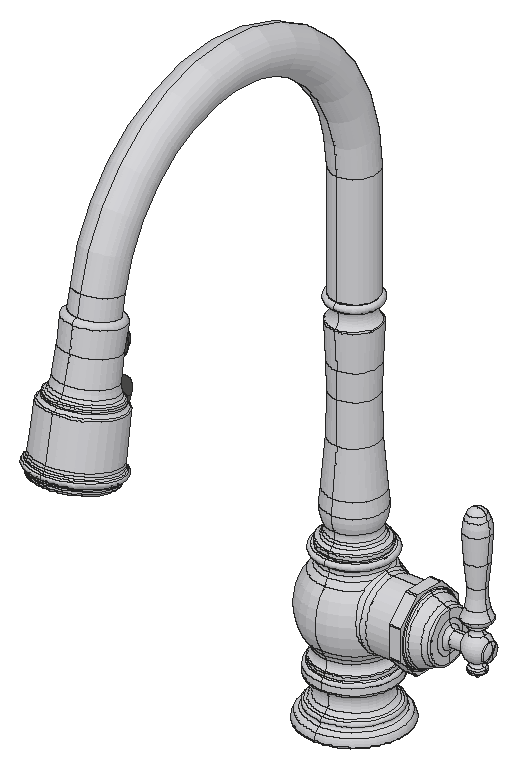
Revit family "Faucet-Kitchen-KOHLER-Artifacts-K-29709", category Plumbing Fixtures, host Face, Revit 2017 (continued)
Definition of nested family "K-29709"
  Lines and regions (in)
    Masking region 3
      outline origin (0, 0, 0) x (0, 1, 0) y (0, 0, 1)
        loop
          line (-0.97752, 1.4655) -> (-0.97752, 1.38641)
          arc (-0.97752, 1.38641) -> (-0.98351, 1.36868) -> (-0.99903, 1.35823) r 0.02921
          arc (-0.99903, 1.35823) -> (-1.04803, 1.32522) -> (-1.06695, 1.26925) r 0.09224
          line (-1.06695, 1.26925) -> (-1.06695, 1.09475)
          arc (-1.06695, 1.09475) -> (-1.06187, 1.07869) -> (-1.04848, 1.06846) r 0.02794
          arc (-1.04848, 1.06846) -> (-0.85185, 0.87292) -> (-0.8756, 0.59664) r 0.32764
          arc (-0.8756, 0.59664) -> (-0.91448, 0.54188) -> (-0.96298, 0.49542) r 0.35494
          arc (-0.96298, 0.49542) -> (-0.99337, 0.47612) -> (-1.02707, 0.46347) r 0.17459
          arc (-1.02707, 0.46347) -> (-1.0723, 0.42787) -> (-1.07703, 0.37052) r 0.07205
          arc (-1.07703, 0.37052) -> (-1.07682, 0.32767) -> (-1.10249, 0.29336) r 0.06737
          arc (-1.10249, 0.29336) -> (-1.15913, 0.24932) -> (-1.21047, 0.19921) r 0.63936
          arc (-1.21047, 0.19921) -> (-1.26237, 0.1163) -> (-1.28131, 0.02033) r 0.26993
          arc (-1.28131, 0.02033) -> (-1.27553, 0.00597) -> (-1.26124, 0) r 0.02008
          line (-1.26124, 0) -> (1.26124, 0)
    symbolic lines, detail levels medium+fine
      curve 1: arc (0.56316, -1.11747, 0) -> (0.69855, -1.03823, 0) -> (0.82296, -0.94267, 0) r 1.25136
      curve 2: arc (0.56297, 0, 0) -> (0, 0.56297, 0) -> (-0.56297, 0, 0) r 0.56297
      curve 3: arc (0.56316, -0.44172, 0) -> (0, 0.71572, 0) -> (-0.56316, -0.44172, 0) r 0.71572
      curve 4: arc (0.56316, -0.32627, 0) -> (0, 0.65084, 0) -> (-0.56316, -0.32627, 0) r 0.65084
      curve 5: arc (0.56316, -0.57561, 0) -> (0, 0.82428, 0) -> (-0.56316, -0.57561, 0) r 0.81322
      curve 6: spline (-0.5625, -8.39675, 0) -> (-0.54333, -8.53966, 0) -> (-0.48714, -8.67283, 0) -> (-0.39775, -8.78719, 0) -> (-0.28125, -8.87494, 0) -> (-0.14559, -8.9301, 0) -> (0, -8.94891, 0) -> (0.14559, -8.9301, 0) -> (0.28125, -8.87494, 0) -> (0.39775, -8.78719, 0) -> (0.48714, -8.67283, 0) -> (0.54333, -8.53966, 0) -> (0.5625, -8.39675, 0)
      curve 7: arc (-0.69371, -9.67102, 0) -> (-0.07028, -9.94472, 0) -> (0.58442, -9.75776, 0) r 1.00404
      curve 8: arc (-0.86159, -9.25845, 0) -> (-0.17749, -9.73517, 0) -> (0.62935, -9.52482, 0) r 0.99613
      curve 9: arc (-0.71797, -9.17423, 0) -> (-0.24977, -9.52892, 0) -> (0.33664, -9.49524, 0) r 0.84986
      curve 10: arc (-0.99227, -8.76235, 0) -> (-0.95749, -9.25431, 0) -> (-0.69371, -9.67102, 0) r 1.00908
      curve 11: arc (-0.98109, -8.63069, 0) -> (-0.97558, -8.95489, 0) -> (-0.86159, -9.25845, 0) r 0.95207
      curve 12: arc (-0.96133, -8.53712, 0) -> (-0.97247, -8.58364, 0) -> (-0.98109, -8.63069, 0) r 0.8865
      curve 13: arc (-0.84932, -8.67705, 0) -> (-0.82266, -8.93595, 0) -> (-0.71797, -9.17423, 0) r 0.83941
      curve 14: arc (-0.67208, -8.21897, 0) -> (-0.79722, -8.43388, 0) -> (-0.84932, -8.67705, 0) r 0.78985
      curve 15: arc (-0.45237, -9.0625, 0) -> (-0.20952, -9.19749, 0) -> (0.06688, -9.22576, 0) r 0.69004
      curve 16: arc (-0.69151, -8.55575, 0) -> (-0.62592, -8.8346, 0) -> (-0.45237, -9.0625, 0) r 0.68737
      curve 17: arc (-0.27667, -9.0625, 0) -> (0.02104, -9.114, 0) -> (0.31875, -9.0625, 0) r 0.88622
      curve 18: arc (-0.55323, -8.85183, 0) -> (-0.43132, -8.97866, 0) -> (-0.27667, -9.0625, 0) r 0.57272
      curve 19: arc (-0.69151, -8.55575, 0) -> (-0.63532, -8.70984, 0) -> (-0.55323, -8.85183, 0) r 0.94102
      curve 20: arc (-0.67208, -8.21897, 0) -> (-0.70897, -8.38579, 0) -> (-0.69151, -8.55575, 0) r 0.53615
      curve 21: arc (-0.56316, -8.0078, 0) -> (-0.62283, -8.1107, 0) -> (-0.67208, -8.21897, 0) r 1.20725
      curve 22: arc (0.99237, -8.77233, 0) -> (0.92922, -9.32335, 0) -> (0.58442, -9.75776, 0) r 1.00908
      curve 23: arc (0.98109, -8.63069, 0) -> (0.92629, -9.12538, 0) -> (0.62935, -9.52482, 0) r 0.95207
      curve 24: arc (0.96133, -8.53712, 0) -> (0.97247, -8.58364, 0) -> (0.98109, -8.63069, 0) r 0.8865
      curve 25: arc (0.84932, -8.67705, 0) -> (0.7224, -9.16724, 0) -> (0.33664, -9.49524, 0) r 0.83941
      curve 26: arc (0.67208, -8.21897, 0) -> (0.79722, -8.43388, 0) -> (0.84932, -8.67705, 0) r 0.78985
      curve 27: arc (0.69151, -8.55575, 0) -> (0.50706, -9.00996, 0) -> (0.06688, -9.22576, 0) r 0.68737
      curve 28: arc (0.69151, -8.55966, 0) -> (0.63875, -8.70632, 0) -> (0.5625, -8.84227, 0) r 0.94102
      curve 29: arc (0.67208, -8.21897, 0) -> (0.70897, -8.38579, 0) -> (0.69151, -8.55575, 0) r 0.53615
      curve 30: arc (0.56316, -8.0078, 0) -> (0.62283, -8.1107, 0) -> (0.67208, -8.21897, 0) r 1.20725
      curve 31: line (-0.56316, -7.95731, 0) -> (-0.56316, -8.39675, 0)
      curve 32: line (0.56316, -7.95731, 0) -> (0.56316, -8.39675, 0)
      curve 33: arc (-0.90918, -8.37863, 0) -> (-0.93747, -8.45715, 0) -> (-0.96133, -8.53712, 0) r 1.49482
      curve 34: arc (0.9036, -8.3646, 0) -> (0.93509, -8.44998, 0) -> (0.96133, -8.53712, 0) r 1.49482
      curve 35: arc (0.5625, -8.84227, 0) -> (0.45401, -8.9672, 0) -> (0.31875, -9.0625, 0) r 0.68547
      curve 36: line (-0.56316, -1.18554, 0) -> (-0.56316, 0, 0)
      curve 37: line (0.56316, -1.18554, 0) -> (0.56316, 0, 0)
      curve 38: arc (0.56316, -0.7752, 0) -> (0, 0.95816, 0) -> (-0.56316, -0.7752, 0) r 0.95816
      curve 39: arc (0.82296, 0.94267, 0) -> (0.90156, 0.89918, 0) -> (0.98541, 0.86696, 0) r 0.649
      curve 40: arc (0.82296, -0.94267, 0) -> (0.90156, -0.89918, 0) -> (0.98541, -0.86696, 0) r 0.649
      curve 41: arc (0.82296, 0.94267, 0) -> (-1.00395, 0.67548, 0) -> (-0.56316, -1.11747, 0) r 1.24725
      curve 42: line (1.94608, 0.90716, 0) -> (1.94608, -0.90716, 0)
      curve 43: line (1.66061, 0.84999, 0) -> (1.66061, -0.85084, 0)
      curve 44: arc (1.74181, 0.93458, 0) -> (1.68932, 0.67408, 0) -> (1.73188, 0.41177, 0) r 0.7429
      curve 45: arc (1.73416, 0.35848, 0) -> (1.68831, -0.00558, 0) -> (1.73744, -0.3692, 0) r 1.41751
      curve 46: arc (1.73626, -0.39362, 0) -> (1.6892, -0.66494, 0) -> (1.74536, -0.93452, 0) r 0.73445
      curve 47: arc (1.73188, 0.41177, 0) -> (1.73701, 0.38529, 0) -> (1.73416, 0.35848, 0) r 0.09087
      curve 48: arc (1.73744, -0.3692, 0) -> (1.73877, -0.3815, 0) -> (1.73626, -0.39362, 0) r 0.0398
      curve 49: arc (1.8796, 0.93218, 0) -> (1.93116, 0.67278, 0) -> (1.88858, 0.41177, 0) r 0.7429
      curve 50: arc (1.8863, 0.35848, 0) -> (1.93215, -0.00558, 0) -> (1.88302, -0.3692, 0) r 1.41751
      curve 51: arc (1.8842, -0.39362, 0) -> (1.93128, -0.66371, 0) -> (1.87604, -0.93224, 0) r 0.73445
      curve 52: arc (1.88858, 0.41177, 0) -> (1.88345, 0.38529, 0) -> (1.8863, 0.35848, 0) r 0.09087
      curve 53: arc (1.88302, -0.3692, 0) -> (1.88169, -0.3815, 0) -> (1.8842, -0.39362, 0) r 0.0398
      curve 54: line (-1.28125, 0, 0.02033) -> (1.28125, 0, 0.02033)
      curve 55: line (-1.07654, 0, 0.36929) -> (1.07655, 0, 0.36929)
      curve 56: line (-1.06689, 0, 1.26925) -> (1.0669, 0, 1.26925)
      curve 57: line (-1.06689, 0, 1.09475) -> (1.0669, 0, 1.09475)
      curve 58: line (-0.80486, 0, 4.05402) -> (0.80488, 0, 4.05402)
      curve 59: line (-0.64813, 0, 4.58901) -> (0.64814, 0, 4.58901)
      curve 60: line (-0.83591, 0, 4.18282) -> (0.83592, 0, 4.18282)
      curve 61: line (-0.61934, 0, 9.26856) -> (0.61936, 0, 9.26856)
      curve 62: line (1.96351, 0, 3.66483) -> (1.96351, 0, 1.83593)
      curve 63: line (1.65976, 0, 1.86693) -> (1.65976, 0, 3.63307)
      curve 64: arc (-0.16145, 0, 13.20654) -> (-0.03727, 0, 13.21017) -> (0.08696, 0, 13.20892) r 3.1613
      curve 65: arc (-0.40117, 0, 13.18163) -> (-0.28165, 0, 13.19736) -> (-0.16145, 0, 13.20654) r 2.20807
      curve 66: arc (-0.56419, 0, 13.13899) -> (-0.48372, 0, 13.1643) -> (-0.40117, 0, 13.18163) r 0.86354
      curve 67: arc (-0.71902, 0, 9.68554) -> (-0.02852, 0, 9.76305) -> (0.66312, 0, 9.69642) r 3.34961
      curve 68: arc (-0.88017, 0, 9.63834) -> (-0.80041, 0, 9.66473) -> (-0.71902, 0, 9.68554) r 1.21315
      curve 69: arc (-0.94713, 0, 9.6014) -> (-0.91504, 0, 9.62238) -> (-0.88017, 0, 9.63834) r 0.25593
      curve 70: arc (-0.9731, 0, 9.56388) -> (-0.96305, 0, 9.58467) -> (-0.94713, 0, 9.6014) r 0.07453
      curve 71: arc (-0.96462, 0, 9.52282) -> (-0.97408, 0, 9.54227) -> (-0.9731, 0, 9.56388) r 0.04388
      curve 72: arc (-0.5215, 0, 9.40157) -> (0.00001, 0, 9.37075) -> (0.52152, 0, 9.40157) r 4.42701
      curve 73: arc (0.88017, 0, 9.63834) -> (0.77299, 0, 9.67241) -> (0.66312, 0, 9.69642) r 1.21315
      curve 74: arc (0.94713, 0, 9.6014) -> (0.91504, 0, 9.62238) -> (0.88017, 0, 9.63834) r 0.25593
      curve 75: arc (0.9731, 0, 9.56388) -> (0.96305, 0, 9.58467) -> (0.94713, 0, 9.6014) r 0.07453
      curve 76: arc (0.96462, 0, 9.52282) -> (0.97408, 0, 9.54227) -> (0.9731, 0, 9.56388) r 0.04388
      curve 77: arc (0.56419, 0, 13.13899) -> (0.48372, 0, 13.1643) -> (0.40117, 0, 13.18163) r 0.86354
      curve 78: arc (0.40117, 0, 13.18163) -> (0.24456, 0, 13.20089) -> (0.08696, 0, 13.20892) r 2.20807
      curve 79: arc (-0.25365, 0, 11.523) -> (-0.00365, 0, 11.52882) -> (0.24635, 0, 11.523) r 5.36918
      curve 80: arc (-0.57555, 0, 11.48501) -> (-0.41528, 0, 11.50971) -> (-0.25365, 0, 11.523) r 2.28819
      curve 81: arc (-0.78207, 0, 11.43013) -> (-0.67979, 0, 11.46126) -> (-0.57555, 0, 11.48501) r 1.49816
      curve 82: arc (-0.56526, 0, 11.3152) -> (-0.03689, 0, 11.35192) -> (0.49199, 0, 11.32362) r 4.31486
      curve 83: arc (-0.7971, 0, 11.27221) -> (-0.68174, 0, 11.29676) -> (-0.56526, 0, 11.3152) r 2.24396
      curve 84: arc (-0.88927, 0, 11.23806) -> (-0.8442, 0, 11.25788) -> (-0.7971, 0, 11.27221) r 0.4141
      curve 85: arc (-0.88292, 0, 9.71317) -> (-0.01648, 0, 9.82072) -> (0.85064, 0, 9.71872) r 3.63765
      curve 86: arc (0.57555, 0, 11.48501) -> (0.41528, 0, 11.50971) -> (0.25365, 0, 11.523) r 2.28819
      curve 87: arc (0.78207, 0, 11.43013) -> (0.67979, 0, 11.46126) -> (0.57555, 0, 11.48501) r 1.49816
      curve 88: arc (0.7971, 0, 11.27221) -> (0.64543, 0, 11.30318) -> (0.49199, 0, 11.32362) r 2.24396
      curve 89: arc (0.88927, 0, 11.23806) -> (0.8442, 0, 11.25788) -> (0.7971, 0, 11.27221) r 0.4141
      curve 90: spline (0, 0, 9.48681) -> (0.08667, 0, 9.48912) -> (0.16743, 0, 9.49588) -> (0.23679, 0, 9.50664) -> (0.29, 0, 9.52067) -> (0.32346, 0, 9.537) -> (0.33487, 0, 9.55452) -> (0.32346, 0, 9.57205) -> (0.29, 0, 9.58838) -> (0.23679, 0, 9.6024) -> (0.16743, 0, 9.61316) -> (0.08667, 0, 9.61992) -> (0, 0, 9.62223) -> (-0.08667, 0, 9.61992) -> (-0.16743, 0, 9.61316) -> (-0.23679, 0, 9.6024) -> (-0.29, 0, 9.58838) -> (-0.32346, 0, 9.57205) -> (-0.33487, 0, 9.55452) -> (-0.32346, 0, 9.537) -> (-0.29, 0, 9.52067) -> (-0.23679, 0, 9.50664) -> (-0.16743, 0, 9.49588) -> (-0.08667, 0, 9.48912) -> (0, 0, 9.48681)
      curve 91: arc (1.77509, 0, 3.71627) -> (1.69191, 0, 3.44132) -> (1.72502, 0, 3.15597) r 0.70673
      curve 92: arc (1.72911, 0, 3.0569) -> (1.68861, 0, 2.70384) -> (1.73557, 0, 2.35158) r 1.44382
      curve 93: arc (1.73402, 0, 2.31731) -> (1.69006, 0, 2.04923) -> (1.74514, 0, 1.78321) r 0.74495
      curve 94: arc (1.73557, 0, 2.35158) -> (1.73739, 0, 2.33433) -> (1.73402, 0, 2.31731) r 0.05787
      curve 95: arc (1.72502, 0, 3.15597) -> (1.73402, 0, 3.10672) -> (1.72911, 0, 3.0569) r 0.18009
      curve 96: arc (1.84029, 0, 3.71513) -> (1.92292, 0, 3.44067) -> (1.88975, 0, 3.15597) r 0.70673
      curve 97: arc (1.88565, 0, 3.0569) -> (1.92616, 0, 2.70384) -> (1.8792, 0, 2.35158) r 1.44382
      curve 98: arc (1.88075, 0, 2.31731) -> (1.92474, 0, 2.05041) -> (1.87052, 0, 1.78539) r 0.74495
      curve 99: arc (1.8792, 0, 2.35158) -> (1.87738, 0, 2.33433) -> (1.88075, 0, 2.31731) r 0.05787
      curve 100: arc (1.88975, 0, 3.15597) -> (1.88075, 0, 3.10672) -> (1.88565, 0, 3.0569) r 0.18009
      curve 101: line (0, -1.28131, 0.02033) -> (0, 1.28131, 0.02033)
      curve 102: line (0, -1.0766, 0.36929) -> (0, 1.0766, 0.36929)
      curve 103: line (0, -1.06695, 1.09475) -> (0, 1.06695, 1.09475)
      curve 104: line (0, -1.06695, 1.26925) -> (0, 1.06695, 1.26925)
      curve 105: line (0, -0.97752, 1.4655) -> (0, 0.97752, 1.4655)
      curve 106: arc (0, 0, 1.93092) -> (0, 0.80035, 2.57582) -> (0, 0.3404, 3.495) r 0.81908
      curve 107: line (0, -0.80493, 4.05402) -> (0, -0.21028, 4.05402)
      curve 108: line (0, -0.64819, 4.58901) -> (0, -0.26955, 4.58901)
      curve 109: line (0, 0.64819, 4.58901) -> (0, 0.26955, 4.58901)
      curve 110: line (0, -0.83597, 4.18282) -> (0, -0.21664, 4.18282)
      curve 111: line (0, 0.83597, 4.18282) -> (0, 0.21664, 4.18282)
      curve 112: line (0, -0.40181, 9.90075) -> (0, 0.40181, 9.90075)
      curve 113: line (0, -0.45144, 9.87117) -> (0, 0.45144, 9.87117)
      curve 114: line (0, -0.61941, 9.26856) -> (0, 0.61941, 9.26856)
      curve 115: line (0, -8.94891, 13.20502) -> (0, -7.84474, 12.98955)
      curve 116: line (0, -10.085, 10.01807) -> (0, -7.99166, 9.61377)
      curve 117: line (0, -9.5673, 11.52851) -> (0, -8.17486, 11.25785)
      curve 118: arc (0, -8.17486, 11.25785) -> (0, -8.06818, 11.23952) -> (0, -7.96081, 11.22586) r 2.48166
      curve 119: arc (0, -7.96081, 11.22586) -> (0, -7.91057, 11.22805) -> (0, -7.86317, 11.24484) r 0.17005
      curve 120: arc (0, -7.86317, 11.24484) -> (0, -7.84184, 11.26181) -> (0, -7.828, 11.2853) r 0.07481
      curve 121: line (0, -7.82783, 11.28524) -> (0, -7.78493, 11.40312)
      curve 122: line (0, -7.70484, 12.46444) -> (0, -7.80994, 11.92375)
      curve 123: line (0, 0.21028, 4.05402) -> (0, 0.80493, 4.05402)
      curve 124: arc (0, -0.3404, 3.495) -> (0, -0.80035, 2.57582) -> (0, 0, 1.93092) r 0.81908
      curve 125: arc (0, -0.92172, 3.14988) -> (0, -0.93107, 3.13639) -> (0, -0.93521, 3.1205) r 0.04694
      curve 126: arc (0, -0.93521, 2.3795) -> (0, -0.93164, 2.36359) -> (0, -0.92161, 2.35073) r 0.03722
      curve 127: arc (0, -0.39836, 1.82749) -> (0, -0.38244, 1.81764) -> (0, -0.3638, 1.81595) r 0.04077
      curve 128: arc (0, 0.36386, 1.81595) -> (0, 0.38063, 1.81852) -> (0, 0.39587, 1.82598) r 0.0561
      curve 129: arc (0, 0.92406, 2.35418) -> (0, 0.93143, 2.37451) -> (0, 0.93393, 2.39599) r 0.09349
      curve 130: arc (0, 0.93393, 3.11191) -> (0, 0.93351, 3.13043) -> (0, 0.92417, 3.14644) r 0.03703
      curve 131: line (2.4705, 0.39808, 0) -> (2.4705, -0.39808, 0)
      curve 132: arc (2.90242, 0.20404, 0) -> (2.83816, -0.00221, 0) -> (2.90498, -0.20765, 0) r 0.35601
      curve 133: circle (3.19416, 0, 0) r 0.31643 normal (0, 0, 1)
      curve 134: arc (3.46226, 0.23424, 0) -> (3.55017, -0.00187, 0) -> (3.45978, -0.23705, 0) r 0.35601
      curve 135: line (3.52748, 0.22594, 0) -> (3.52748, 0.12507, 0)
      curve 136: line (3.52748, -0.22594, 0) -> (3.52748, -0.12507, 0)
      curve 137: line (2.47092, 0, 3.0956) -> (2.47092, 0, 2.4044)
      curve 138: line (2.83815, 0, 3.4665) -> (3.55017, 0, 3.4665)
      curve 139: line (2.97, 0, 3.34626) -> (3.41833, 0, 3.34626)
      curve 140: line (3.00413, 0, 3.26798) -> (3.41833, 0, 3.26798)
      curve 141: line (3.47533, 0, 2.97621) -> (3.47533, 0, 2.52421)
      curve 142: line (3.52735, 0, 2.97621) -> (3.52748, 0, 2.52406)
      curve 143: line (1.88075, 0, 3.10672) -> (1.73402, 0, 3.10672)
      curve 144: line (1.8792, 0, 2.35158) -> (1.73557, 0, 2.35158)
      curve 145: line (2.89242, 0, 2.94442) -> (2.89242, 0, 2.55558)
      curve 146: line (1.73701, 0.38529, 0) -> (1.88345, 0.38529, 0)
      curve 147: line (1.73877, -0.3815, 0) -> (1.88293, -0.3815, 0)
      curve 148: arc (0, -0.14875, 2.45398) -> (0, -0.34862, 2.75052) -> (0, -0.18424, 3.0681) r 0.35049
      curve 149: arc (0, -0.35712, 3.46702) -> (0, -0.29527, 3.58578) -> (0, -0.25244, 3.71266) r 0.86693
      curve 150: arc (0, -0.25244, 3.71266) -> (0, -0.21319, 3.96108) -> (0, -0.21984, 4.2125) r 1.37533
      curve 151: arc (0, -0.21984, 4.2125) -> (0, -0.25091, 4.49701) -> (0, -0.27672, 4.78204) r 15.51205
      curve 152: arc (0, -0.27672, 4.78204) -> (0, -0.29995, 5.11117) -> (0, -0.31618, 5.44071) r 15.51205
      curve 153: arc (0, -0.31618, 5.44071) -> (0, -0.30794, 5.5984) -> (0, -0.27139, 5.75202) r 0.87144
      curve 154: arc (0, -0.27139, 5.75202) -> (0, -0.24724, 5.81553) -> (0, -0.21821, 5.87697) r 0.87144
      curve 155: arc (0, -0.18424, 3.0681) -> (0, -0.12983, 3.17029) -> (0, -0.19114, 3.2685) r 0.11576
      curve 156: line (0, -0.22528, 3.34677) -> (0, -0.22528, 3.2685)
      curve 157: line (0, -0.19114, 3.2685) -> (0, -0.22528, 3.2685)
      curve 158: arc (0, -0.35712, 3.46702) -> (0, -0.3145, 3.38135) -> (0, -0.22528, 3.34677) r 0.13241
      curve 159: arc (0, -0.05664, 2.10894) -> (0, -0.0306, 2.09189) -> (0, 0, 2.0862) r 0.07917
      curve 160: arc (0, -0.19015, 2.21002) -> (0, -0.12012, 2.1638) -> (0, -0.05664, 2.10894) r 0.64925
      curve 161: arc (0, -0.17303, 2.33155) -> (0, -0.11318, 2.38331) -> (0, -0.14875, 2.45398) r 0.06436
      curve 162: line (0, -0.20984, 2.29281) -> (0, -0.20984, 2.24395)
      curve 163: arc (0, -0.20984, 2.29281) -> (0, -0.19917, 2.31953) -> (0, -0.17303, 2.33155) r 0.03879
      curve 164: arc (0, -0.20984, 2.24395) -> (0, -0.20456, 2.22433) -> (0, -0.19015, 2.21002) r 0.03906
      curve 165: arc (0, -0.21821, 5.87697) -> (0, -0.12738, 5.971) -> (0, 0, 6.00045) r 0.23034
      curve 166: arc (0, 0.14875, 2.45398) -> (0, 0.34862, 2.75052) -> (0, 0.18424, 3.0681) r 0.35049
      curve 167: arc (0, 0.35712, 3.46702) -> (0, 0.29527, 3.58578) -> (0, 0.25244, 3.71266) r 0.86693
      curve 168: arc (0, 0.25244, 3.71266) -> (0, 0.21319, 3.96108) -> (0, 0.21984, 4.2125) r 1.37533
      curve 169: arc (0, 0.21984, 4.2125) -> (0, 0.25091, 4.49701) -> (0, 0.27672, 4.78204) r 15.51205
      curve 170: arc (0, 0.27672, 4.78204) -> (0, 0.29995, 5.11117) -> (0, 0.31618, 5.44071) r 15.51205
      curve 171: arc (0, 0.31618, 5.44071) -> (0, 0.30794, 5.5984) -> (0, 0.27139, 5.75202) r 0.87144
      curve 172: arc (0, 0.27139, 5.75202) -> (0, 0.24724, 5.81553) -> (0, 0.21821, 5.87697) r 0.87144
      curve 173: arc (0, 0.18424, 3.0681) -> (0, 0.12983, 3.17029) -> (0, 0.19114, 3.2685) r 0.11576
      curve 174: line (0, 0.22528, 3.34677) -> (0, 0.22528, 3.2685)
      curve 175: line (0, 0.19114, 3.2685) -> (0, 0.22528, 3.2685)
      curve 176: arc (0, 0.35712, 3.46702) -> (0, 0.3145, 3.38135) -> (0, 0.22528, 3.34677) r 0.13241
      curve 177: arc (0, 0.05664, 2.10894) -> (0, 0.0306, 2.09189) -> (0, 0, 2.0862) r 0.07917
      curve 178: arc (0, 0.19015, 2.21002) -> (0, 0.12012, 2.1638) -> (0, 0.05664, 2.10894) r 0.64925
      curve 179: arc (0, 0.17303, 2.33155) -> (0, 0.11318, 2.38331) -> (0, 0.14875, 2.45398) r 0.06436
      curve 180: line (0, 0.20984, 2.29281) -> (0, 0.20984, 2.24395)
      curve 181: arc (0, 0.20984, 2.29281) -> (0, 0.19917, 2.31953) -> (0, 0.17303, 2.33155) r 0.03879
      curve 182: arc (0, 0.20984, 2.24395) -> (0, 0.20456, 2.22433) -> (0, 0.19015, 2.21002) r 0.03906
      curve 183: arc (0, 0.21821, 5.87697) -> (0, 0.12738, 5.971) -> (0, 0, 6.00045) r 0.23034
      curve 184: line (0, -0.40099, 3.67061) -> (0, -0.26051, 3.683)
      curve 185: line (0, 0.3999, 3.6707) -> (0, 0.26051, 3.683)
      curve 186: circle (0, 0, 2.75) r 0.22594 normal (1, 0, 0)
      curve 187: line (0, 0.06384, 2.85547) -> (0, -0.10803, 2.68359)
      curve 188: arc (0, 0.13341, 2.93235) -> (0, 0.09958, 2.89304) -> (0, 0.06384, 2.85547) r 1.03848
      curve 189: arc (0, 0.10803, 2.81127) -> (0, 0.1456, 2.84649) -> (0, 0.18534, 2.87922) r 0.79992
      curve 190: line (0, -0.06384, 2.6394) -> (0, 0.10803, 2.81127)
      curve 191: arc (0, -0.12957, 2.5649) -> (0, -0.09787, 2.60318) -> (0, -0.06384, 2.6394) r 0.79606
      curve 192: arc (0, -0.10803, 2.68359) -> (0, -0.1444, 2.64924) -> (0, -0.18267, 2.61703) r 0.87669
      curve 193: line (0, -0.19114, 3.2685) -> (0, 0.19114, 3.2685)
      curve 194: line (0, -0.22528, 3.34677) -> (0, 0.22528, 3.34677)
      curve 195: line (0, -0.35712, 3.46702) -> (0, 0.35712, 3.46702)
      curve 196: arc (0, -7.82783, 11.28524) -> (0, -7.86396, 10.93133) -> (0, -7.88555, 10.57623) r 8.67633
      curve 197: line (0, -9.71423, 11.35147) -> (0, -7.9306, 11.00342)
      curve 198: arc (0, -7.9306, 11.00342) -> (0, -7.88499, 11.0103) -> (0, -7.85401, 11.04447) r 0.0687
      curve 199: line (0, 0.92417, 3.14644) -> (0, 0.3999, 3.6707)
      curve 200: line (0, 0.93393, 2.39599) -> (0, 0.93393, 3.11191)
      curve 201: line (0, 0.39587, 1.82598) -> (0, 0.92406, 2.35418)
      curve 202: line (0, -0.3638, 1.81595) -> (0, 0.36386, 1.81595)
      curve 203: line (0, -0.92161, 2.35073) -> (0, -0.39836, 1.82749)
      curve 204: line (0, -0.93521, 3.1205) -> (0, -0.93521, 2.3795)
      curve 205: line (0, -0.40099, 3.67061) -> (0, -0.92172, 3.14988)
      curve 206: arc (0, 0.12124, 2.16465) -> (0, 0.5953, 2.69563) -> (0, 0.22528, 3.3037) r 0.59778
      curve 207: arc (0, -0.22528, 3.3037) -> (0, -0.5953, 2.69563) -> (0, -0.12124, 2.16465) r 0.59778
      curve 208: line (0, 0.20984, 2.29281) -> (0, -0.20984, 2.29281)
      curve 209: line (0, 0.20984, 2.24395) -> (0, -0.20984, 2.24395)
      curve 210: line (2.98543, 0, 2.29229) -> (3.40289, 0, 2.29229)
      curve 211: line (2.98543, 0, 2.24343) -> (3.40289, 0, 2.24343)
      curve 212: line (-0.97745, 0, 1.4655) -> (0.97747, 0, 1.4655)
      curve 213: arc (-1.00547, 0, 9.633) -> (-0.95099, 0, 9.68346) -> (-0.88292, 0, 9.71317) r 0.22237
      curve 214: arc (1.00547, 0, 9.633) -> (0.93695, 0, 9.69192) -> (0.85064, 0, 9.71872) r 0.22237
      curve 215: line (0, -7.53663, 12.40948) -> (0, -7.6334, 11.91169)
      curve 216: line (0, -8.7589, 9.57373) -> (0, -9.41216, 9.70071)
  Dimensions and locks (in)
    plane 7 to plane 12 = 2 9/16"
    plane 5 to plane 1 "Center (Front/Back)" = 9 1/16"
    plane 8 to plane 9 = 3 1/4"
    plane 13 to plane 3 "Center (Left/Right)" = 3.19416"
    plane 8 to plane 2 = 6"
    plane 4 to plane 2 = 17 5/8"
    plane 6 to plane 2 = 9 5/8"
    plane 10 to plane 14 = 2 9/16"
    plane 12 to plane 7 = 2 9/16"
    aligned and locked: plane 2 to level
Types (5): name | Type | Model | Finish
  (no name) | 1 | "K-29709-CP" | Kohler-Metal-CP-Polished_Chrome
  CP - Polished Chrome | 1 | "K-29709-CP" | Kohler-Metal-CP-Polished_Chrome
  SN - Vibrant Polished Nickel | 2 | "K-29709-SN" | Kohler-Metal-SN-Vibrant_Polished_Nickel
  VS - Vibrant Stainless | 3 | "K-29709-VS" | Kohler-Metal-VS-Vibrant_Stainless
  2BZ - Oil-Rubbed Bronze | 4 | "K-29709-2BZ" | Kohler-Metal-2BZ-Oil_Rubbed_Bronze
